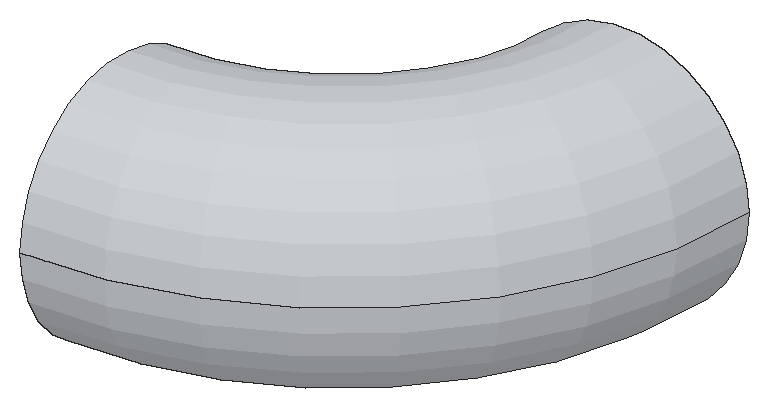
Revit family "Cotovelo - Soquete - Aço", category Conexões de tubo, Revit 2019
Family settings
  Cota do conector redondo = Usar raio
  Tipo de parte = Cotovelo
  Com base no plano de trabalho = Não
  Sempre na vertical = Sim
  Corte com vazios quando carregada = Não
  Compartilhado = Não
Parameters (values of type "Padrão")
  Nome da tabela de pesquisa = "BR_Elbow - Socket - Steel"
  Raio Central [instance] = size_lookup(Nome da tabela de pesquisa, "CR", 0.1 mm + 1.5236 * Diâmetro nominal, Diâmetro nominal)  # 38 mm
  Tamanho da marca de revisão [instance] = Diâmetro externo da conexão * 0.4  # 13.2 mm
  Raio nominal [instance] = 12.5 mm
  Diâmetro nominal [instance] = Raio nominal * 2  # 25 mm
  Método de perda = Coeficiente K da tabela
  Tabela de coeficiente K = "Cotovelo regular 45, 90 e 180"
  Raio externo da conexão [instance] = Diâmetro externo da conexão / 2  # 16.5 mm
  Diâmetro externo da conexão [instance] = size_lookup(Nome da tabela de pesquisa, "FOD", 11.4 mm + 0.9995 * Diâmetro nominal, Diâmetro nominal)  # 33 mm
  Centro pra a legenda da extremidade [instance] = if(Centro para a extremidade > (Raio externo da conexão + 3.2 mm) * tan(Ângulo / 2), Centro para a extremidade, (Raio externo da conexão + 3.2 mm) * tan(Ângulo / 2))  # 38 mm
  Centro para a extremidade [instance] = Raio Central * tan(Ângulo / 2)  # 38 mm
  Ângulo [instance] = 90.00°
Reference planes
  plane 1 "Centro (frente/trás)": y = 0
  plane 2: z = 0
  plane 3 "Centro (direita/esquerda)": x = 0
  plane 4: x = -38
  plane 5: y = 38
  plane 6: y = 13.2
  plane 7: y = -13.2
Forms (mm)
  Sweep 1, solid, detail levels fine
    path in 3D
      loop
        arc (-38, 0, 0) -> (-11.13, 11.13, 0) -> (0, 38, 0) r 38
    profile origin (-11.13, 11.13, 0) x (-0.707107, 0.707107, 0) y (0, 0, 1)
      loop
        circle (0, 0) r 16.5
Lines and regions (mm)
  reference lines
    curve 1: line (-38, 38, 0) -> (6.45, 38, 0)
    curve 2: arc (-38, 0, 0) -> (-11.13, 11.13, 0) -> (0, 38, 0) r 38
    curve 3: line (0, 0, 0) -> (0, 19.05, 0)
    curve 4: line (-13.2, 31.22, 0) -> (-13.2, 22.144, 0)
    curve 5: line (13.2, 28.444, 0) -> (13.2, 48.228, 0)
  model lines, detail levels coarse+medium
    curve 6: line (-13.2, 38, 0) -> (13.2, 38, 0)
    curve 7: arc (-38, 0, 0) -> (-11.13, 11.13, 0) -> (0, 38, 0) r 38
    curve 8: line (-38, 13.2, 0) -> (-38, -13.2, 0)
  sketch lines
    curve 9: arc (-38, 0, 0) -> (-11.13, 11.13, 0) -> (0, 38, 0) r 38
Dimensions and locks
  "Centro pra a legenda da extremidade": plane 4 to plane 3 "Centro (direita/esquerda)"
  "Raio Central": plane 5 to plane 1 "Centro (frente/trás)"
  "Tamanho da marca de revisão": plane 6 to plane 1 "Centro (frente/trás)"
  "Tamanho da marca de revisão": plane 7 to plane 1 "Centro (frente/trás)"
  "Tamanho da marca de revisão": curve 3 to curve 4
  "Tamanho da marca de revisão": curve 5 to curve 3
  "Raio Central": radius of curve 2
  "Raio externo da conexão": radius of Sweep 1 sketch curve
  "Ângulo": angle plane 4 to curve 1
  "Ângulo": angle curve 2 to curve 2
  "Ângulo": angle plane 1 "Centro (frente/trás)" to curve 3
  "Ângulo": angle curve 7 to curve 7
  aligned and locked: plane 4 to curve 1
  aligned and locked: plane 5 to curve 1
  aligned and locked: plane 5 to curve 2
  aligned and locked: plane 4 to curve 2  (x2)
  aligned and locked: plane 1 "Centro (frente/trás)" to curve 3
  aligned and locked: plane 3 "Centro (direita/esquerda)" to curve 3
  aligned and locked: curve 4 to curve 6
  aligned and locked: curve 5 to curve 6
  aligned and locked: curve 1 to curve 6
  aligned and locked: curve 7 to curve 2
  aligned and locked: plane 6 to curve 8
  aligned and locked: plane 7 to curve 8
  aligned and locked: curve 8 to plane 4
Automatic sketch dimensions
  curve 1 to curve 5 = 9.556 mm
  curve 1 to curve 4 = 6.78 mm
  curve 5 to curve 1 = 10.228 mm
  curve 3 to curve 4 = 3.094 mm
  Sweep 1 sketch curve to profile plane = 0 mm
  profile plane to Sweep 1 sketch curve = 0 mm
Connectors
  piping at (-38, 0, 0), diameter 25, driven by "Raio nominal", driven by "Ângulo"
    settings: on Sweep 1, index 1, connector inside diameter 25 mm, connector length 0 mm, flow factor 0, pipe flow 0.0 L/s, pressure drop 0.0 Pa, fitting loss kfactor 0, connector angle 90.00°, fixture units 0, engagement length 0 mm, angle of deflection 0.00°, flow configuration 0, flow direction 0, fitting loss method 0, system type 28, joint type 0, gender type 0, connector reference index 2, connector utility 0, adjustable connector no, is connector primary yes, connector description ""
  piping at (0, 38, 0), diameter 25, driven by "Raio nominal", driven by "Ângulo"
    settings: on Sweep 1, index 2, connector inside diameter 25 mm, connector length 0 mm, flow factor 0, pipe flow 0.0 L/s, pressure drop 0.0 Pa, fitting loss kfactor 0, connector angle 90.00°, fixture units 0, engagement length 0 mm, angle of deflection 0.00°, flow configuration 0, flow direction 0, fitting loss method 0, system type 28, joint type 0, gender type 0, connector reference index 1, connector utility 0, adjustable connector no, is connector primary no, connector description ""
